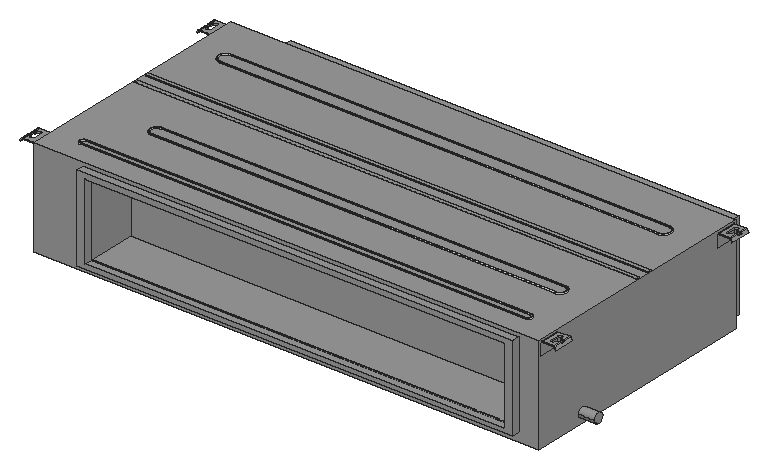
Revit family "GMV-ND90-140PMSA1-T", category 机械设备, Revit 2014
Parameters (values of type "GMV-ND140PMS/A1-T")
  unit width = 1340 mm
  unit height = 260 mm
  unit depth = 656 mm
  liquid pipe = 9.52 mm
  heating capacity = 16000 W
  gas pipe = 15.9 mm
  drain pipe = 25 mm
  cooling capacity = 14000 W
  air return width = 1187 mm
  air return height = 220 mm
  air outlet width = 1155 mm
  air outlet height = 215 mm
Types (6, lengths in mm): name | heating capacity | cooling capacity | air return width | air return height | air outlet width
  (no name) | 16000 W | 14000 W | 1187 | 220 | 1155
  GMV-ND90PMS/A1-T | 10000 W | 9000 W | 871 | 232.777 | 739.6
  GMV-ND100PMS/A1-T | 11200 W | 10000 W | 871 | 232.777 | 739.6
  GMV-ND112PMS/A1-T | 12500 W | 11200 W | 871 | 232.777 | 739.6
  GMV-ND125PMS/A1-T | 14000 W | 12500 W | 1187 | 220 | 1155
  GMV-ND140PMS/A1-T | 16000 W | 14000 W | 1187 | 220 | 1155
Reference planes
  plane 1 "中心(前/后)": y = 0
  plane 2: z = 0
  plane 3 "中心(左/右)": x = 0
  plane 4: x = 653.894
  plane 5: z = 30
Forms (mm)
  Extrusion 1, solid, material "cabinet"
    sketch origin (0, 0, 0) x (1, 0, 0) y (0, 1, 0)
      loop
        line (-668.5, 301.978) -> (-668.5, -352.572) -> (670.05, -352.572) -> (670.05, 301.978) -> (-668.5, 301.978)
    from 0 to 258.55
  Extrusion 2, solid
    sketch origin (0, 0, 0) x (1, 0, 0) y (0, 1, 0)
      loop
        arc (-580, 193.978) -> (-600, 173.978) -> (-580, 153.978) r 20
        line (-580, 153.978) -> (580, 153.978)
        arc (580, 153.978) -> (600, 173.978) -> (580, 193.978) r 20
        line (580, 193.978) -> (-580, 193.978)
      loop
        line (579.971, 191.978) -> (-579.936, 191.978)
        arc (-579.936, 191.978) -> (-597.936, 173.978) -> (-579.936, 155.978) r 18
        line (-579.936, 155.978) -> (579.971, 155.978)
        arc (579.971, 155.978) -> (597.971, 173.978) -> (579.971, 191.978) r 18
    from 258.55 to 260
  Extrusion 3, solid
    sketch origin (0, 0, 0) x (1, 0, 0) y (0, 1, 0)
      loop
        arc (-500, -138.522) -> (-517.5, -156.022) -> (-500, -173.522) r 17.5
        line (-500, -173.522) -> (570, -173.522)
        arc (570, -173.522) -> (587.5, -156.022) -> (570, -138.522) r 17.5
        line (570, -138.522) -> (-500, -138.522)
      loop
        line (569.862, -140.522) -> (-499.686, -140.522)
        arc (-499.686, -140.522) -> (-515.186, -156.022) -> (-499.686, -171.522) r 15.5
        line (-499.686, -171.522) -> (569.862, -171.522)
        arc (569.862, -171.522) -> (585.362, -156.022) -> (569.862, -140.522) r 15.5
      loop
        line (590, -276.022) -> (-590, -276.022)
        arc (-590, -276.022) -> (-600, -286.022) -> (-590, -296.022) r 10
        line (-590, -296.022) -> (590, -296.022)
        arc (590, -296.022) -> (600, -286.022) -> (590, -276.022) r 10
      loop
        line (589.74, -278.022) -> (-589.891, -278.022)
        arc (-589.891, -278.022) -> (-597.891, -286.022) -> (-589.891, -294.022) r 8
        line (-589.891, -294.022) -> (589.74, -294.022)
        arc (589.74, -294.022) -> (597.74, -286.022) -> (589.74, -278.022) r 8
    from 258.55 to 260
  Extrusion 4, solid, material "cabinet"
    sketch origin (0, 0, 0) x (1, 0, 0) y (0, 1, 0)
      loop
        line (-666.05, 23.142) -> (-666.05, 14.34) -> (666.05, 14.34) -> (666.05, 23.142) -> (-666.05, 23.142)
      loop
        line (666.05, -14.384) -> (-666.236, -14.384) -> (-666.236, -22.128) -> (666.05, -22.128) -> (666.05, -14.384)
    from 258.55 to 260
  Extrusion 5, solid, material "cabinet"
    sketch origin (0, 0, 0) x (1, 0, 0) y (0, 0, 1)
      loop
        line (-710.528, 246.743) -> (-708.363, 245.493) -> (-704.676, 251.88)
        arc (-704.676, 251.88) -> (-704.185, 252.37) -> (-703.515, 252.55) r 1.34
        line (-703.515, 252.55) -> (-671.671, 252.55)
        arc (-671.671, 252.55) -> (-671.196, 252.354) -> (-671, 251.879) r 0.671
        line (-671, 251.879) -> (-671, 220.55) -> (-668.5, 220.55) -> (-668.5, 252.05)
        arc (-668.5, 252.05) -> (-669.379, 254.171) -> (-671.5, 255.05) r 3
        line (-671.5, 255.05) -> (-704, 255.05)
        arc (-704, 255.05) -> (-705.5, 254.648) -> (-706.598, 253.55) r 3
        line (-706.598, 253.55) -> (-710.528, 246.743)
    from 292.501 to 344.501
  Extrusion 6, void
    sketch origin (0, 0, 0) x (1, 0, 0) y (0, 1, 0)
      loop
        line (-710.528, -309.739) -> (-710.528, -327.262)
        spline (-710.528, -327.262) -> (-710.506, -326.778) -> (-710.438, -326.372) -> (-710.321, -326.035) -> (-710.152, -325.757) -> (-709.928, -325.529) -> (-709.647, -325.342) -> (-709.306, -325.186) -> (-708.902, -325.051) -> (-708.432, -324.928) -> (-707.893, -324.809) -> (-707.283, -324.682) -> (-706.598, -324.54)
        line (-706.598, -324.54) -> (-699.272, -324.54)
        arc (-699.272, -324.54) -> (-697.665, -325.205) -> (-697, -326.811) r 2.272
        line (-697, -326.811) -> (-697, -328.501)
        arc (-697, -328.501) -> (-691, -334.501) -> (-685, -328.501) r 6
        line (-685, -328.501) -> (-685, -308.501)
        arc (-685, -308.501) -> (-691, -302.501) -> (-697, -308.501) r 6
        line (-697, -308.501) -> (-697, -310.501)
        arc (-697, -310.501) -> (-697.586, -311.915) -> (-699, -312.501) r 2
        line (-699, -312.501) -> (-706.778, -312.501)
        spline (-706.778, -312.501) -> (-707.354, -312.352) -> (-707.871, -312.225) -> (-708.333, -312.108) -> (-708.742, -311.991) -> (-709.102, -311.862) -> (-709.416, -311.711) -> (-709.688, -311.528) -> (-709.921, -311.301) -> (-710.118, -311.019) -> (-710.283, -310.672) -> (-710.418, -310.249) -> (-710.528, -309.739)
    from 250.768 to 275.05
  Extrusion 7, solid, material "cabinet"
    sketch origin (0, 0, 0) x (-1, 0, 0) y (0, 0, -1)
      loop
        line (-710.528, -246.743) -> (-706.598, -253.55)
        arc (-706.598, -253.55) -> (-705.5, -254.648) -> (-704, -255.05) r 3
        line (-704, -255.05) -> (-671.5, -255.05)
        arc (-671.5, -255.05) -> (-669.379, -254.171) -> (-668.5, -252.05) r 3
        line (-668.5, -252.05) -> (-668.5, -220.55) -> (-671, -220.55) -> (-671, -251.879)
        arc (-671, -251.879) -> (-671.196, -252.354) -> (-671.671, -252.55) r 0.671
        line (-671.671, -252.55) -> (-703.515, -252.55)
        arc (-703.515, -252.55) -> (-704.185, -252.37) -> (-704.676, -251.88) r 1.34
        line (-704.676, -251.88) -> (-708.363, -245.493) -> (-710.528, -246.743)
    from 292.501 to 344.501
  Extrusion 8, void
    sketch origin (0, 0, 0) x (-1, 0, 0) y (0, -1, 0)
      loop
        spline (-710.528, 309.739) -> (-710.418, 310.249) -> (-710.283, 310.672) -> (-710.118, 311.019) -> (-709.921, 311.301) -> (-709.688, 311.528) -> (-709.416, 311.711) -> (-709.102, 311.862) -> (-708.742, 311.991) -> (-708.333, 312.108) -> (-707.871, 312.225) -> (-707.354, 312.352) -> (-706.778, 312.501)
        line (-706.778, 312.501) -> (-699, 312.501)
        arc (-699, 312.501) -> (-697.586, 311.915) -> (-697, 310.501) r 2
        line (-697, 310.501) -> (-697, 308.501)
        arc (-697, 308.501) -> (-691, 302.501) -> (-685, 308.501) r 6
        line (-685, 308.501) -> (-685, 328.501)
        arc (-685, 328.501) -> (-691, 334.501) -> (-697, 328.501) r 6
        line (-697, 328.501) -> (-697, 326.811)
        arc (-697, 326.811) -> (-697.665, 325.205) -> (-699.272, 324.54) r 2.272
        line (-699.272, 324.54) -> (-706.598, 324.54)
        spline (-706.598, 324.54) -> (-707.283, 324.682) -> (-707.893, 324.809) -> (-708.432, 324.928) -> (-708.902, 325.051) -> (-709.306, 325.186) -> (-709.647, 325.342) -> (-709.928, 325.529) -> (-710.152, 325.757) -> (-710.321, 326.035) -> (-710.438, 326.372) -> (-710.506, 326.778) -> (-710.528, 327.262)
        line (-710.528, 327.262) -> (-710.528, 309.739)
    from 250.768 to 275.05
  Extrusion 9, solid, material "cabinet"
    sketch origin (0, 584.9, 0) x (1, 0, 0) y (0, 0, 1)
      loop
        line (-710.528, 246.743) -> (-708.363, 245.493) -> (-704.676, 251.88)
        arc (-704.676, 251.88) -> (-704.185, 252.37) -> (-703.515, 252.55) r 1.34
        line (-703.515, 252.55) -> (-671.671, 252.55)
        arc (-671.671, 252.55) -> (-671.196, 252.354) -> (-671, 251.879) r 0.671
        line (-671, 251.879) -> (-671, 220.55) -> (-668.5, 220.55) -> (-668.5, 252.05)
        arc (-668.5, 252.05) -> (-669.379, 254.171) -> (-671.5, 255.05) r 3
        line (-671.5, 255.05) -> (-704, 255.05)
        arc (-704, 255.05) -> (-705.5, 254.648) -> (-706.598, 253.55) r 3
        line (-706.598, 253.55) -> (-710.528, 246.743)
    from 292.501 to 344.501
  Extrusion 10, void
    sketch origin (0, 584.9, 0) x (1, 0, 0) y (0, 1, 0)
      loop
        line (-710.528, -309.739) -> (-710.528, -327.262)
        spline (-710.528, -327.262) -> (-710.506, -326.778) -> (-710.438, -326.372) -> (-710.321, -326.035) -> (-710.152, -325.757) -> (-709.928, -325.529) -> (-709.647, -325.342) -> (-709.306, -325.186) -> (-708.902, -325.051) -> (-708.432, -324.928) -> (-707.893, -324.809) -> (-707.283, -324.682) -> (-706.598, -324.54)
        line (-706.598, -324.54) -> (-699.272, -324.54)
        arc (-699.272, -324.54) -> (-697.665, -325.205) -> (-697, -326.811) r 2.272
        line (-697, -326.811) -> (-697, -328.501)
        arc (-697, -328.501) -> (-691, -334.501) -> (-685, -328.501) r 6
        line (-685, -328.501) -> (-685, -308.501)
        arc (-685, -308.501) -> (-691, -302.501) -> (-697, -308.501) r 6
        line (-697, -308.501) -> (-697, -310.501)
        arc (-697, -310.501) -> (-697.586, -311.915) -> (-699, -312.501) r 2
        line (-699, -312.501) -> (-706.778, -312.501)
        spline (-706.778, -312.501) -> (-707.354, -312.352) -> (-707.871, -312.225) -> (-708.333, -312.108) -> (-708.742, -311.991) -> (-709.102, -311.862) -> (-709.416, -311.711) -> (-709.688, -311.528) -> (-709.921, -311.301) -> (-710.118, -311.019) -> (-710.283, -310.672) -> (-710.418, -310.249) -> (-710.528, -309.739)
    from 250.768 to 275.05
  Extrusion 11, solid, material "cabinet"
    sketch origin (0, 584.9, 0) x (-1, 0, 0) y (0, 0, -1)
      loop
        line (-710.528, -246.743) -> (-706.598, -253.55)
        arc (-706.598, -253.55) -> (-705.5, -254.648) -> (-704, -255.05) r 3
        line (-704, -255.05) -> (-671.5, -255.05)
        arc (-671.5, -255.05) -> (-669.379, -254.171) -> (-668.5, -252.05) r 3
        line (-668.5, -252.05) -> (-668.5, -220.55) -> (-671, -220.55) -> (-671, -251.879)
        arc (-671, -251.879) -> (-671.196, -252.354) -> (-671.671, -252.55) r 0.671
        line (-671.671, -252.55) -> (-703.515, -252.55)
        arc (-703.515, -252.55) -> (-704.185, -252.37) -> (-704.676, -251.88) r 1.34
        line (-704.676, -251.88) -> (-708.363, -245.493) -> (-710.528, -246.743)
    from 292.501 to 344.501
  Extrusion 12, void
    sketch origin (0, 584.9, 0) x (-1, 0, 0) y (0, -1, 0)
      loop
        spline (-710.528, 309.739) -> (-710.418, 310.249) -> (-710.283, 310.672) -> (-710.118, 311.019) -> (-709.921, 311.301) -> (-709.688, 311.528) -> (-709.416, 311.711) -> (-709.102, 311.862) -> (-708.742, 311.991) -> (-708.333, 312.108) -> (-707.871, 312.225) -> (-707.354, 312.352) -> (-706.778, 312.501)
        line (-706.778, 312.501) -> (-699, 312.501)
        arc (-699, 312.501) -> (-697.586, 311.915) -> (-697, 310.501) r 2
        line (-697, 310.501) -> (-697, 308.501)
        arc (-697, 308.501) -> (-691, 302.501) -> (-685, 308.501) r 6
        line (-685, 308.501) -> (-685, 328.501)
        arc (-685, 328.501) -> (-691, 334.501) -> (-697, 328.501) r 6
        line (-697, 328.501) -> (-697, 326.811)
        arc (-697, 326.811) -> (-697.665, 325.205) -> (-699.272, 324.54) r 2.272
        line (-699.272, 324.54) -> (-706.598, 324.54)
        spline (-706.598, 324.54) -> (-707.283, 324.682) -> (-707.893, 324.809) -> (-708.432, 324.928) -> (-708.902, 325.051) -> (-709.306, 325.186) -> (-709.647, 325.342) -> (-709.928, 325.529) -> (-710.152, 325.757) -> (-710.321, 326.035) -> (-710.438, 326.372) -> (-710.506, 326.778) -> (-710.528, 327.262)
        line (-710.528, 327.262) -> (-710.528, 309.739)
    from 250.768 to 275.05
  Extrusion 13, solid, material "cabinet"
    sketch origin (0, 0, 0) x (1, 0, 0) y (0, 0, 1)
      loop
        line (-536.3, 250.238) -> (-536.3, 23.7) -> (618.7, 23.7) -> (618.7, 250.238) -> (-536.3, 250.238)
    from 349.572 to 374.222
  Extrusion 14, void
    sketch origin (0, 0, 0) x (1, 0, 0) y (0, 0, 1)
      loop
        line (-515, 237.3) -> (-515, 33.945) -> (597.471, 33.945) -> (597.471, 237.3) -> (-515, 237.3)
    from 222.869 to 421.338
  Extrusion 15, solid, material "cabinet"
    sketch origin (0, 0, 0) x (1, 0, 0) y (0, 1, 0)
      loop
        line (-533.106, 328.828) -> (-533.106, 300.428) -> (654.894, 300.428) -> (654.894, 328.828) -> (-533.106, 328.828)
    from 16.6 to 250
  Extrusion 16, void
    sketch origin (0, 0, 0) x (1, 0, 0) y (0, 0, 1)
      loop
        line (640.779, 238.539) -> (-521.737, 238.539) -> (-521.737, 32.7) -> (640.779, 32.7) -> (640.779, 238.539)
    from -477.729 to -223.944
  Extrusion 17, solid, material "copper pipe"
    sketch origin (0, 0, 0) x (0, 1, 0) y (0, 0, 1)
      loop
        circle (-67.917, 162.795) r 7.95
    from -704 to -618.382
  Extrusion 18, solid, material "copper pipe"
    sketch origin (0, 0, 0) x (0, 1, 0) y (0, 0, 1)
      loop
        circle (-118.938, 91.004) r 4.76
    from -756.229 to -618.571
  Extrusion 19, solid, material "drain"
    sketch origin (0, 0, 0) x (0, 1, 0) y (0, 0, 1)
      loop
        circle (-209.207, 28.017) r 12.5
    from -714.854 to -618.382
  Extrusion 20, solid, material "drain"
    sketch origin (0, 0, 0) x (0, 1, 0) y (0, 0, -1)
      loop
        circle (-209.207, -28.017) r 12.5
    from -714.854 to -618.382
Cuts and joins
  Extrusion 6, Extrusion 8, Extrusion 10 cuts Extrusion 5
  Extrusion 8, Extrusion 12 cuts Extrusion 7
  Extrusion 10 cuts Extrusion 9
  Extrusion 12 cuts Extrusion 11
  Extrusion 14, Extrusion 16 cuts Extrusion 1
  Extrusion 14 cuts Extrusion 13
  Extrusion 16 cuts Extrusion 15
Dimensions and locks
  "unit height": Extrusion 3 to level
  "air outlet width": cut or joined group of Extrusion 13, Extrusion 14 to cut or joined group of Extrusion 13, Extrusion 14
  "air return width": cut or joined group of Extrusion 15, Extrusion 16 to plane 4
  "air return height": plane 5 to cut or joined group of Extrusion 15, Extrusion 16
  "gas pipe": diameter of Extrusion 17 sketch curve
  "liquid pipe": diameter of Extrusion 18 sketch curve
  "drain pipe": diameter of Extrusion 19 sketch curve
  "drain pipe": diameter of Extrusion 20 sketch curve
  aligned and locked: level to plane 2
Automatic sketch dimensions
  Extrusion 1 sketch curve to plane 3 "中心(左/右)" = 668.5 mm
  plane 3 "中心(左/右)" to Extrusion 1 sketch curve = 670.05 mm
  plane 1 "中心(前/后)" to Extrusion 1 sketch curve = 352.572 mm
  Extrusion 1 sketch curve to plane 1 "中心(前/后)" = 301.978 mm
  Extrusion 2 sketch curve to plane 1 "中心(前/后)" = 153.978 mm
  Extrusion 2 sketch curve to plane 3 "中心(左/右)" = 580 mm
  Extrusion 2 sketch curve to Extrusion 2 sketch curve = 0.064 mm
  Extrusion 2 sketch curve to plane 1 "中心(前/后)" = 191.978 mm
  plane 3 "中心(左/右)" to Extrusion 2 sketch curve = 579.971 mm
  Extrusion 2 sketch curve to Extrusion 2 sketch curve = 0.029 mm
  Extrusion 2 sketch curve to Extrusion 2 sketch curve = 2 mm
  Extrusion 2 sketch curve to Extrusion 2 sketch curve = 0 mm
  plane 1 "中心(前/后)" to Extrusion 3 sketch curve = 276.022 mm
  Extrusion 3 sketch curve to plane 3 "中心(左/右)" = 590 mm
  Extrusion 3 sketch curve to Extrusion 3 sketch curve = 0.109 mm
  Extrusion 3 sketch curve to Extrusion 3 sketch curve = 90 mm
  Extrusion 3 sketch curve to Extrusion 3 sketch curve = 0.314 mm
  plane 1 "中心(前/后)" to Extrusion 3 sketch curve = 156.022 mm
  plane 3 "中心(左/右)" to Extrusion 3 sketch curve = 569.862 mm
  Extrusion 3 sketch curve to Extrusion 3 sketch curve = 0.138 mm
  Extrusion 3 sketch curve to Extrusion 3 sketch curve = 19.74 mm
  Extrusion 3 sketch curve to Extrusion 3 sketch curve = 0.26 mm
  Extrusion 3 sketch curve to Extrusion 3 sketch curve = 2 mm  (x2)
  Extrusion 3 sketch curve to Extrusion 3 sketch curve = 8 mm
  Extrusion 3 sketch curve to Extrusion 3 sketch curve = 0 mm  (x2)
  Extrusion 3 sketch curve to Extrusion 3 sketch curve = 17.5 mm
  plane 1 "中心(前/后)" to Extrusion 4 sketch curve = 14.384 mm
  Extrusion 4 sketch curve to plane 3 "中心(左/右)" = 666.236 mm
  Extrusion 4 sketch curve to plane 1 "中心(前/后)" = 14.34 mm
  Extrusion 4 sketch curve to Extrusion 4 sketch curve = 0.186 mm
  Extrusion 4 sketch curve to plane 1 "中心(前/后)" = 23.142 mm
  plane 3 "中心(左/右)" to Extrusion 4 sketch curve = 666.05 mm
  Extrusion 4 sketch curve to Extrusion 4 sketch curve = 0 mm
  Extrusion 4 sketch curve to Extrusion 4 sketch curve = 7.744 mm
  Extrusion 5 sketch curve to plane 3 "中心(左/右)" = 710.528 mm
  level to Extrusion 5 sketch curve = 245.493 mm
  Extrusion 5 sketch curve to Extrusion 5 sketch curve = 2.165 mm
  level to Extrusion 5 sketch curve = 253.55 mm
  Extrusion 5 sketch curve to Extrusion 5 sketch curve = 3.93 mm
  level to Extrusion 5 sketch curve = 251.88 mm
  Extrusion 5 sketch curve to Extrusion 5 sketch curve = 2.598 mm
  Extrusion 5 sketch curve to Extrusion 5 sketch curve = 0.485 mm
  Extrusion 5 sketch curve to Extrusion 5 sketch curve = 31.844 mm
  Extrusion 5 sketch curve to Extrusion 5 sketch curve = 0.171 mm  (x2)
  Extrusion 5 sketch curve to Extrusion 5 sketch curve = 0.5 mm
  Extrusion 5 sketch curve to Extrusion 5 sketch curve = 2.5 mm
  Extrusion 5 sketch curve to Extrusion 5 sketch curve = 24.943 mm
  Extrusion 5 sketch curve to Extrusion 5 sketch curve = 0.67 mm
  plane 1 "中心(前/后)" to Extrusion 6 sketch curve = 309.739 mm
  Extrusion 6 sketch curve to plane 3 "中心(左/右)" = 710.528 mm
  Extrusion 6 sketch curve to Extrusion 6 sketch curve = 3.75 mm
  plane 1 "中心(前/后)" to Extrusion 6 sketch curve = 324.54 mm
  Extrusion 6 sketch curve to Extrusion 6 sketch curve = 3.93 mm
  Extrusion 6 sketch curve to Extrusion 6 sketch curve = 7.326 mm
  Extrusion 6 sketch curve to Extrusion 6 sketch curve = 7.778 mm
  Extrusion 6 sketch curve to Extrusion 6 sketch curve = 2 mm  (x2)
  Extrusion 6 sketch curve to Extrusion 6 sketch curve = 2.272 mm
  Extrusion 6 sketch curve to Extrusion 6 sketch curve = 6 mm
  Extrusion 6 sketch curve to Extrusion 6 sketch curve = 2.723 mm
  Extrusion 6 sketch curve to Extrusion 6 sketch curve = 1.69 mm
  Extrusion 6 sketch curve to Extrusion 6 sketch curve = 2.762 mm
  plane 3 "中心(左/右)" to Extrusion 7 sketch curve = 710.528 mm
  level to Extrusion 7 sketch curve = 245.493 mm
  Extrusion 7 sketch curve to Extrusion 7 sketch curve = 2.165 mm
  level to Extrusion 7 sketch curve = 253.55 mm
  Extrusion 7 sketch curve to Extrusion 7 sketch curve = 3.93 mm
  level to Extrusion 7 sketch curve = 251.88 mm
  Extrusion 7 sketch curve to Extrusion 7 sketch curve = 2.598 mm
  Extrusion 7 sketch curve to Extrusion 7 sketch curve = 0.485 mm
  Extrusion 7 sketch curve to Extrusion 7 sketch curve = 31.844 mm
  Extrusion 7 sketch curve to Extrusion 7 sketch curve = 0.171 mm
  Extrusion 7 sketch curve to Extrusion 7 sketch curve = 0.5 mm  (x2)
  Extrusion 7 sketch curve to Extrusion 7 sketch curve = 2.5 mm
  Extrusion 7 sketch curve to Extrusion 7 sketch curve = 1.5 mm
  Extrusion 7 sketch curve to Extrusion 7 sketch curve = 31.329 mm
  plane 1 "中心(前/后)" to Extrusion 8 sketch curve = 309.739 mm
  plane 3 "中心(左/右)" to Extrusion 8 sketch curve = 710.528 mm
  Extrusion 8 sketch curve to Extrusion 8 sketch curve = 3.75 mm
  plane 1 "中心(前/后)" to Extrusion 8 sketch curve = 324.54 mm
  Extrusion 8 sketch curve to Extrusion 8 sketch curve = 3.93 mm
  Extrusion 8 sketch curve to Extrusion 8 sketch curve = 7.326 mm
  Extrusion 8 sketch curve to Extrusion 8 sketch curve = 7.778 mm
  Extrusion 8 sketch curve to Extrusion 8 sketch curve = 2 mm  (x2)
  Extrusion 8 sketch curve to Extrusion 8 sketch curve = 2.272 mm
  Extrusion 8 sketch curve to Extrusion 8 sketch curve = 6 mm
  Extrusion 8 sketch curve to Extrusion 8 sketch curve = 16.039 mm
  Extrusion 8 sketch curve to Extrusion 8 sketch curve = 2.723 mm
  Extrusion 8 sketch curve to Extrusion 8 sketch curve = 1.69 mm
  Extrusion 9 sketch curve to plane 3 "中心(左/右)" = 710.528 mm
  level to Extrusion 9 sketch curve = 245.493 mm
  Extrusion 9 sketch curve to Extrusion 9 sketch curve = 2.165 mm
  level to Extrusion 9 sketch curve = 253.55 mm
  Extrusion 9 sketch curve to Extrusion 9 sketch curve = 3.93 mm
  level to Extrusion 9 sketch curve = 251.88 mm
  Extrusion 9 sketch curve to Extrusion 9 sketch curve = 2.598 mm
  Extrusion 9 sketch curve to Extrusion 9 sketch curve = 0.485 mm
  Extrusion 9 sketch curve to Extrusion 9 sketch curve = 31.844 mm
  Extrusion 9 sketch curve to Extrusion 9 sketch curve = 0.171 mm  (x2)
  Extrusion 9 sketch curve to Extrusion 9 sketch curve = 0.5 mm
  Extrusion 9 sketch curve to Extrusion 9 sketch curve = 2.5 mm
  Extrusion 9 sketch curve to Extrusion 9 sketch curve = 24.943 mm
  Extrusion 9 sketch curve to Extrusion 9 sketch curve = 0.67 mm
  Extrusion 10 sketch curve to plane 1 "中心(前/后)" = 275.161 mm
  Extrusion 10 sketch curve to plane 3 "中心(左/右)" = 710.528 mm
  Extrusion 10 sketch curve to Extrusion 10 sketch curve = 3.75 mm
  Extrusion 10 sketch curve to plane 1 "中心(前/后)" = 260.36 mm
  Extrusion 10 sketch curve to Extrusion 10 sketch curve = 3.93 mm
  Extrusion 10 sketch curve to Extrusion 10 sketch curve = 7.326 mm
  Extrusion 10 sketch curve to Extrusion 10 sketch curve = 7.778 mm
  Extrusion 10 sketch curve to Extrusion 10 sketch curve = 2 mm  (x2)
  Extrusion 10 sketch curve to Extrusion 10 sketch curve = 2.272 mm
  Extrusion 10 sketch curve to Extrusion 10 sketch curve = 6 mm
  Extrusion 10 sketch curve to Extrusion 10 sketch curve = 2.723 mm
  Extrusion 10 sketch curve to Extrusion 10 sketch curve = 1.69 mm
  Extrusion 10 sketch curve to Extrusion 10 sketch curve = 2.762 mm
  plane 3 "中心(左/右)" to Extrusion 11 sketch curve = 710.528 mm
  level to Extrusion 11 sketch curve = 245.493 mm
  Extrusion 11 sketch curve to Extrusion 11 sketch curve = 2.165 mm
  level to Extrusion 11 sketch curve = 253.55 mm
  Extrusion 11 sketch curve to Extrusion 11 sketch curve = 3.93 mm
  level to Extrusion 11 sketch curve = 251.88 mm
  Extrusion 11 sketch curve to Extrusion 11 sketch curve = 2.598 mm
  Extrusion 11 sketch curve to Extrusion 11 sketch curve = 0.485 mm
  Extrusion 11 sketch curve to Extrusion 11 sketch curve = 31.844 mm
  Extrusion 11 sketch curve to Extrusion 11 sketch curve = 0.171 mm
  Extrusion 11 sketch curve to Extrusion 11 sketch curve = 0.5 mm  (x2)
  Extrusion 11 sketch curve to Extrusion 11 sketch curve = 2.5 mm
  Extrusion 11 sketch curve to Extrusion 11 sketch curve = 1.5 mm
  Extrusion 11 sketch curve to Extrusion 11 sketch curve = 31.329 mm
  Extrusion 12 sketch curve to plane 1 "中心(前/后)" = 275.161 mm
  plane 3 "中心(左/右)" to Extrusion 12 sketch curve = 710.528 mm
  Extrusion 12 sketch curve to Extrusion 12 sketch curve = 3.75 mm
  Extrusion 12 sketch curve to plane 1 "中心(前/后)" = 260.36 mm
  Extrusion 12 sketch curve to Extrusion 12 sketch curve = 3.93 mm
  Extrusion 12 sketch curve to Extrusion 12 sketch curve = 7.326 mm
  Extrusion 12 sketch curve to Extrusion 12 sketch curve = 7.778 mm
  Extrusion 12 sketch curve to Extrusion 12 sketch curve = 2 mm  (x2)
  Extrusion 12 sketch curve to Extrusion 12 sketch curve = 2.272 mm
  Extrusion 12 sketch curve to Extrusion 12 sketch curve = 6 mm
  Extrusion 12 sketch curve to Extrusion 12 sketch curve = 16.039 mm
  Extrusion 12 sketch curve to Extrusion 12 sketch curve = 2.723 mm
  Extrusion 12 sketch curve to Extrusion 12 sketch curve = 1.69 mm
  level to Extrusion 13 sketch curve = 23.7 mm
  Extrusion 13 sketch curve to plane 3 "中心(左/右)" = 536.3 mm
  plane 3 "中心(左/右)" to Extrusion 13 sketch curve = 618.7 mm
  Extrusion 13 sketch curve to Extrusion 13 sketch curve = 226.538 mm
  level to Extrusion 14 sketch curve = 33.945 mm
  Extrusion 14 sketch curve to plane 3 "中心(左/右)" = 515 mm
  plane 3 "中心(左/右)" to Extrusion 14 sketch curve = 597.471 mm
  Extrusion 14 sketch curve to Extrusion 14 sketch curve = 203.355 mm
  Extrusion 15 sketch curve to plane 3 "中心(左/右)" = 533.106 mm
  Extrusion 15 sketch curve to plane 1 "中心(前/后)" = 300.428 mm
  plane 3 "中心(左/右)" to Extrusion 15 sketch curve = 654.894 mm
  Extrusion 15 sketch curve to Extrusion 15 sketch curve = 28.4 mm
  level to Extrusion 16 sketch curve = 238.539 mm
  Extrusion 16 sketch curve to plane 3 "中心(左/右)" = 521.737 mm
  level to Extrusion 16 sketch curve = 32.7 mm
  plane 3 "中心(左/右)" to Extrusion 16 sketch curve = 640.779 mm
  plane 1 "中心(前/后)" to Extrusion 17 sketch curve = 67.917 mm
  plane 5 to Extrusion 17 sketch curve = 132.795 mm
  plane 1 "中心(前/后)" to Extrusion 18 sketch curve = 118.938 mm
  plane 5 to Extrusion 18 sketch curve = 61.004 mm
  Extrusion 19 sketch curve to plane 5 = 1.983 mm
  plane 1 "中心(前/后)" to Extrusion 19 sketch curve = 209.207 mm
  Extrusion 20 sketch curve to plane 5 = 1.983 mm
  plane 1 "中心(前/后)" to Extrusion 20 sketch curve = 209.207 mm
Connectors
  piping at (-704, -67.917, 162.795), diameter 15.9, driven by "gas pipe"
    settings: on Extrusion 17, index 1, connector inside diameter 609.6 mm, connector length 0 mm, flow factor 0, pipe flow 0.0 L/s, pressure drop 0.0 Pa, fitting loss kfactor 0, connector angle 0.00°, fixture units 0, engagement length 0 mm, angle of deflection 0.00°, flow configuration 0, flow direction 0, fitting loss method 0, system type 8, joint type 0, gender type 0, connector reference index -1, connector utility 0, adjustable connector no, is connector primary yes, connector description ""
  piping at (-756.229, -118.938, 91.004), diameter 9.52, driven by "liquid pipe"
    settings: on Extrusion 18, index 2, connector inside diameter 609.6 mm, connector length 0 mm, flow factor 0, pipe flow 0.0 L/s, pressure drop 0.0 Pa, fitting loss kfactor 0, connector angle 0.00°, fixture units 0, engagement length 0 mm, angle of deflection 0.00°, flow configuration 0, flow direction 0, fitting loss method 0, system type 7, joint type 0, gender type 0, connector reference index -1, connector utility 0, adjustable connector no, is connector primary no, connector description ""
  piping at (-714.854, -209.207, 28.017), diameter 25, driven by "drain pipe"
    settings: on Extrusion 19, index 3, connector inside diameter 609.6 mm, connector length 0 mm, flow factor 0, pipe flow 0.0 L/s, pressure drop 0.0 Pa, fitting loss kfactor 0, connector angle 0.00°, fixture units 0, engagement length 0 mm, angle of deflection 0.00°, flow configuration 0, flow direction 0, fitting loss method 0, system type 7, joint type 0, gender type 0, connector reference index -1, connector utility 0, adjustable connector no, is connector primary no, connector description ""
  piping at (714.854, -209.207, 28.017), diameter 25, driven by "drain pipe"
    settings: on Extrusion 20, index 4, connector inside diameter 609.6 mm, connector length 0 mm, flow factor 0, pipe flow 0.0 L/s, pressure drop 0.0 Pa, fitting loss kfactor 0, connector angle 0.00°, fixture units 0, engagement length 0 mm, angle of deflection 0.00°, flow configuration 0, flow direction 0, fitting loss method 0, system type 7, joint type 0, gender type 0, connector reference index -1, connector utility 0, adjustable connector no, is connector primary no, connector description ""
  hvac at (41.2, -374.222, 136.969), driven by "air outlet height", driven by "air outlet width"
    settings: on cut or joined group of Extrusion 13, Extrusion 14, index 5, duct flow 0.0 L/s, flow factor 0, pres drop 0.0 Pa, loss coef 0, conn angle 0.00°, conn width 1155 mm, conn height 215 mm, conn diameter 609.6 mm, duct sys type 1, conn prof type 1, flow config 0, flow direction 0, loss method 0, conn ref index -1, conn util no, is conn primary yes, conn desc ""
  hvac at (59.521, 328.828, 135.619), driven by "air return height", driven by "air return width"
    settings: on cut or joined group of Extrusion 15, Extrusion 16, index 6, duct flow 0.0 L/s, flow factor 0, pres drop 0.0 Pa, loss coef 0, conn angle 0.00°, conn width 1187 mm, conn height 220 mm, conn diameter 609.6 mm, duct sys type 2, conn prof type 1, flow config 0, flow direction 0, loss method 0, conn ref index -1, conn util no, is conn primary no, conn desc ""
